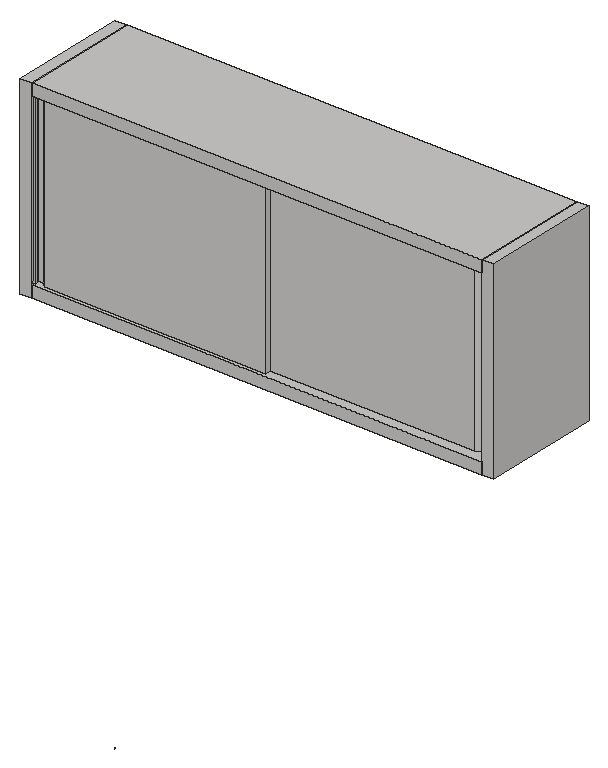
Revit family "QF_ZANUSSI_133212_PSS1600LCN", category Attrezzature speciali, Revit 2020
Family settings
  Quota connettore circolare = Usa diametro
  Tipo di parte = Normale
  Basato su piano di lavoro = No
  Sempre verticale = Sì
  Taglio con vuoti quando caricato = No
  Condiviso = No
  Punto di calcolo locali = No
Parameters (values of type "Standard")
  Weight = 31.00 kg
  Watts = 0 W
  Volts = 0 V
  URL Manufacturer = "http://www.zanussiprofessional.com"
  URL = "http://www.zanussiprofessional.com"
  Steam Supply Size = 0 mm
  Steam Supply Minimum Pressure = 0.0 Pa
  Steam Supply Maximum Pressure = 0.0 Pa
  Steam Consumption per Hour = 0
  Refrigeration Suction Line Size = 0.0 mm
  Refrigeration Liquid Line Size = 0.0 mm
  Refrigerant Compressor Remote = yes
  Prospetto di default = 0.0 mm
  Phase = 0
  Modello = "PSS1600LCN"
  Produttore = "Zanussi"
  Length Actual = 1600.0 mm  # constant formula
  Item Number = "133212"
  Hot Water Size = 0 mm
  Height Actual = 650.0 mm  # constant formula
  HP = "0 HP"
  Gas Size = 0 mm
  Gas KW = 0
  Gas Input Pressure = 0 W
  Direct Waste Size = 0 mm
  Descrizione = "WALL CUPBOARD+ PLATE RACK 2 DOORS 1600MM"
  Depth Actual = 400.0 mm  # constant formula
  Cycle = 0 Hz
  Condensate Return Size = 0 mm
  Compressed Air Volume = 0.0 L/s
  Compressed Air Size = 0 mm
  Compressed Air Pressure = 0.0 Pa
  Cold Water Size = 0 mm
  Accessory = yes
Reference planes
  plane 1 "Center (Front/Back)": y = 0
  plane 2: z = 0
  plane 3 "Center (Left/Right)": x = -300
  plane 4 "LEFT": x = -1100
  plane 5 "RIGHT": x = 500
  plane 6 "BACK": y = 200
  plane 7 "FRONT": y = -200
  plane 8 "Base": z = 2200
  plane 9 "BASE": z = 1550
  plane 10: x = -1060
  plane 11: x = 460
  plane 12: y = -197
  plane 13: y = 150
  plane 14: y = 197
Forms (mm)
  Extrusion 1, solid, material "QF_Finishes_Stainless Steel"
    sketch origin (0, 0, 1550) x (-1, 0, 0) y (0, -1, 0)
      loop
        line (1100, -200) -> (1100, 200) -> (1060, 200) -> (1060, -200) -> (1100, -200)
      loop
        line (-460, -200) -> (-460, 200) -> (-500, 200) -> (-500, -200) -> (-460, -200)
    from 0 to 650
  Extrusion 2, solid, material "QF_Finishes_Stainless Steel"
    sketch origin (0, 0, 1550) x (-1, 0, 0) y (0, -1, 0)
      loop
        line (1060, -150) -> (1060, 200) -> (-460, 200) -> (-460, -150) -> (1060, -150)
    from 0 to 40
  Extrusion 3, solid, material "QF_Finishes_Stainless Steel"
    sketch origin (0, 0, 0) x (1, 0, 0) y (0, 1, 0)
      loop
        line (-1060, -200) -> (460, -200) -> (460, 200) -> (-1060, 200) -> (-1060, -200)
    from 2160 to 2200
  Extrusion 4, solid, material "QF_Finishes_Stainless Steel"
    sketch origin (0, 0, 0) x (1, 0, 0) y (0, 1, 0)
      loop
        line (-273.481, -197) -> (-273.481, -177) -> (-1057, -177) -> (-1057, -197) -> (-1047, -197) -> (-1047, -194) -> (-1054, -194) -> (-1054, -182) -> (-1037, -182) -> (-1017, -197) -> (-273.481, -197)
    from 1597 to 2160
  Extrusion 5, solid, material "QF_Finishes_Stainless Steel"
    sketch origin (0, 0, 0) x (1, 0, 0) y (0, 1, 0)
      loop
        line (-326.5, -177) -> (417, -177) -> (437, -162) -> (454, -162) -> (454, -174) -> (447, -174) -> (447, -177) -> (457, -177) -> (457, -157) -> (-326.5, -157) -> (-326.5, -177)
    from 2160 to 1597
  Extrusion 6, solid, material "QF_Finishes_Stainless Steel"
    sketch origin (0, 0, 0) x (1, 0, 0) y (0, 1, 0)
      loop
        line (-273.481, 197) -> (-1017, 197) -> (-1037, 182) -> (-1054, 182) -> (-1054, 194) -> (-1047, 194) -> (-1047, 197) -> (-1057, 197) -> (-1057, 177) -> (-273.481, 177) -> (-273.481, 197)
    from 1597 to 2160
  Extrusion 7, solid, material "QF_Finishes_Stainless Steel"
    sketch origin (0, 0, 0) x (1, 0, 0) y (0, 1, 0)
      loop
        line (-326.5, 177) -> (-326.5, 157) -> (457, 157) -> (457, 177) -> (447, 177) -> (447, 174) -> (454, 174) -> (454, 162) -> (437, 162) -> (417, 177) -> (-326.5, 177)
    from 2160 to 1597
  Extrusion 8, solid, material "QF_Finishes_Stainless Steel"
    sketch origin (0, 0, 0) x (1, 0, 0) y (0, 1, 0)
      loop
        line (-1100, 200) -> (-1100, 199) -> (-1099, 199) -> (-1099, 200) -> (-1100, 200)
    from 0 to 1
Lines and regions (mm)
  symbolic lines, style "SpecialityEquipmentHiddenLines"
    curve 1: line (457, -157, 0) -> (-326.5, -157, 0)
    curve 2: line (-326.5, -157, 0) -> (-326.5, -177, 0)
    curve 3: line (417, -177, 0) -> (-1057, -177, 0)
    curve 4: line (-273.5, -177, 0) -> (-273.5, -197, 0)
    curve 5: line (-1057, -177, 0) -> (-1057, -197, 0)
    curve 6: line (-1028, -182, 0) -> (-1054, -182, 0)
    curve 20: line (457, 157, 0) -> (-326.5, 157, 0)
    curve 21: line (-326.5, 157, 0) -> (-326.5, 177, 0)
    curve 22: line (417, 177, 0) -> (-1057, 177, 0)
    curve 23: line (-273.5, 177, 0) -> (-273.5, 197, 0)
    curve 24: line (-1057, 177, 0) -> (-1057, 197, 0)
    curve 25: line (-1028, 182, 0) -> (-1054, 182, 0)
    curve 41: line (-1017, -197, 0) -> (-273.5, -197, 0)
    curve 42: line (-1057, -197, 0) -> (-1047, -197, 0)
    curve 43: line (-1047, 197, 0) -> (-1057, 197, 0)
    curve 44: line (-1017, 197, 0) -> (-273.5, 197, 0)
  symbolic lines
    curve 7: line (-1100, 200, 0) -> (500, -200, 0)
    curve 8: line (500, 200, 0) -> (-1100, -200, 0)
    curve 9: line (-1028, -182, 0) -> (-1017, -197, 0)
    curve 10: line (-1054, -182, 0) -> (-1054, -194, 0)
    curve 11: line (-1054, -194, 0) -> (-1047, -194, 0)
    curve 12: line (-1047, -194, 0) -> (-1047, -197, 0)
    curve 13: line (457, -157, 0) -> (457, -177, 0)
    curve 14: line (457, -177, 0) -> (447, -177, 0)
    curve 15: line (447, -177, 0) -> (447, -174, 0)
    curve 16: line (447, -174, 0) -> (454, -174, 0)
    curve 17: line (454, -174, 0) -> (454, -162, 0)
    curve 18: line (454, -162, 0) -> (437, -162, 0)
    curve 19: line (417, -177, 0) -> (437, -162, 0)
    curve 26: line (-1028, 182, 0) -> (-1017, 197, 0)
    curve 27: line (-1054, 182, 0) -> (-1054, 194, 0)
    curve 28: line (-1054, 194, 0) -> (-1047, 194, 0)
    curve 29: line (-1047, 194, 0) -> (-1047, 197, 0)
    curve 30: line (457, 157, 0) -> (457, 177, 0)
    curve 31: line (457, 177, 0) -> (447, 177, 0)
    curve 32: line (447, 177, 0) -> (447, 174, 0)
    curve 33: line (447, 174, 0) -> (454, 174, 0)
    curve 34: line (454, 174, 0) -> (454, 162, 0)
    curve 35: line (454, 162, 0) -> (437, 162, 0)
    curve 36: line (417, 177, 0) -> (437, 162, 0)
    curve 37: line (-1100, 200, 0) -> (500, 200, 0)
    curve 38: line (-1100, -200, 0) -> (-1100, 200, 0)
    curve 39: line (500, -200, 0) -> (-1100, -200, 0)
    curve 40: line (500, 200, 0) -> (500, -200, 0)
Dimensions and locks
  plane 4 "LEFT" to plane 5 "RIGHT" = 1600.0 mm
  equal spacing: plane 4 "LEFT", plane 3 "Center (Left/Right)", plane 5 "RIGHT"
  plane 6 "BACK" to plane 7 "FRONT" = 400.0 mm
  equal spacing: plane 6 "BACK", plane 1 "Center (Front/Back)", plane 7 "FRONT"
  plane 9 "BASE" to level = 1550.0 mm
  locked: plane 4 "LEFT" to plane 10 at 40
  locked: plane 11 to plane 5 "RIGHT" at 40
  plane 12 to plane 7 "FRONT" = 3.0 mm
  plane 6 "BACK" to plane 13 = 50.0 mm
  locked: plane 8 "Base" to plane 9 "BASE" at 650
  aligned and locked: level to plane 2
  aligned and locked: plane 8 "Base" to Extrusion 1
  aligned and locked: plane 6 "BACK" to Extrusion 1 sketch curve
  aligned and locked: Extrusion 1 sketch curve to plane 6 "BACK"
  aligned and locked: plane 7 "FRONT" to Extrusion 1 sketch curve
  aligned and locked: Extrusion 1 sketch curve to plane 7 "FRONT"
  aligned and locked: plane 10 to Extrusion 1
  aligned and locked: Extrusion 1 to plane 11
  aligned and locked: Extrusion 2 to plane 10
  aligned and locked: plane 11 to Extrusion 2
  aligned and locked: plane 8 "Base" to Extrusion 3
  aligned and locked: Extrusion 2 to plane 13
  aligned and locked: Extrusion 3 to plane 7 "FRONT"
  aligned and locked: Extrusion 2 to plane 7 "FRONT"
Automatic sketch dimensions
  Extrusion 1 sketch curve to plane 5 "RIGHT" = 0.0 mm
  Extrusion 1 sketch curve to plane 11 = 0.0 mm
  Extrusion 1 sketch curve to plane 10 = 0.0 mm
  Extrusion 1 sketch curve to plane 4 "LEFT" = 0.0 mm
  Extrusion 2 sketch curve to plane 11 = 0.0 mm
  Extrusion 2 sketch curve to plane 10 = 0.0 mm
  plane 13 to Extrusion 2 sketch curve = 0.0 mm
  Extrusion 2 sketch curve to plane 12 = 3.0 mm
  Extrusion 3 sketch curve to plane 10 = 0.0 mm
  Extrusion 3 sketch curve to plane 11 = 0.0 mm
  Extrusion 3 sketch curve to plane 12 = 3.0 mm
  Extrusion 3 sketch curve to plane 14 = 3.0 mm
  Extrusion 4 sketch curve to plane 12 = 0.0 mm  (x2)
  plane 10 to Extrusion 4 sketch curve = 3.0 mm
  Extrusion 4 sketch curve to Extrusion 4 sketch curve = 3.0 mm
  Extrusion 4 sketch curve to Extrusion 4 sketch curve = 7.0 mm
  Extrusion 4 sketch curve to Extrusion 4 sketch curve = 10.0 mm
  plane 3 "Center (Left/Right)" to Extrusion 4 sketch curve = 26.519 mm
  plane 12 to Extrusion 4 sketch curve = 3.0 mm
  Extrusion 4 sketch curve to Extrusion 4 sketch curve = 12.0 mm
  Extrusion 4 sketch curve to Extrusion 4 sketch curve = 20.0 mm  (x2)
  Extrusion 4 sketch curve to Extrusion 4 sketch curve = 0.0 mm
  Extrusion 5 sketch curve to plane 3 "Center (Left/Right)" = 26.5 mm
  plane 12 to Extrusion 5 sketch curve = 20.0 mm  (x2)
  Extrusion 5 sketch curve to plane 11 = 43.0 mm
  Extrusion 5 sketch curve to plane 11 = 23.0 mm
  Extrusion 5 sketch curve to plane 11 = 13.0 mm
  Extrusion 5 sketch curve to plane 11 = 6.0 mm
  Extrusion 5 sketch curve to plane 11 = 3.0 mm
  Extrusion 5 sketch curve to Extrusion 5 sketch curve = 3.0 mm
  Extrusion 5 sketch curve to Extrusion 5 sketch curve = 12.0 mm
  Extrusion 5 sketch curve to Extrusion 5 sketch curve = 20.0 mm
  plane 14 to Extrusion 6 sketch curve = 0.0 mm  (x2)
  Extrusion 6 sketch curve to plane 10 = 3.0 mm
  Extrusion 6 sketch curve to Extrusion 6 sketch curve = 3.0 mm
  Extrusion 6 sketch curve to Extrusion 6 sketch curve = 7.0 mm
  Extrusion 6 sketch curve to Extrusion 6 sketch curve = 10.0 mm
  Extrusion 6 sketch curve to plane 3 "Center (Left/Right)" = 26.519 mm
  Extrusion 6 sketch curve to plane 14 = 3.0 mm
  Extrusion 6 sketch curve to Extrusion 6 sketch curve = 12.0 mm
  Extrusion 6 sketch curve to Extrusion 6 sketch curve = 20.0 mm  (x2)
  Extrusion 6 sketch curve to Extrusion 6 sketch curve = 0.0 mm
  plane 3 "Center (Left/Right)" to Extrusion 7 sketch curve = 26.5 mm
  Extrusion 7 sketch curve to plane 14 = 20.0 mm  (x2)
  plane 11 to Extrusion 7 sketch curve = 43.0 mm
  plane 11 to Extrusion 7 sketch curve = 23.0 mm
  plane 11 to Extrusion 7 sketch curve = 13.0 mm
  plane 11 to Extrusion 7 sketch curve = 6.0 mm
  plane 11 to Extrusion 7 sketch curve = 3.0 mm
  Extrusion 7 sketch curve to Extrusion 7 sketch curve = 3.0 mm
  Extrusion 7 sketch curve to Extrusion 7 sketch curve = 12.0 mm
  plane 13 to Extrusion 7 sketch curve = 7.0 mm
  Extrusion 8 sketch curve to plane 6 "BACK" = 0.0 mm
  Extrusion 8 sketch curve to plane 4 "LEFT" = 0.0 mm
  plane 4 "LEFT" to Extrusion 8 sketch curve = 1.0 mm
  Extrusion 8 sketch curve to plane 6 "BACK" = 1.0 mm
  curve 39 to plane 4 "LEFT" = 0.0 mm
  curve 5 to plane 12 = 0.0 mm
  plane 14 to curve 24 = 0.0 mm
  curve 41 to plane 12 = 0.0 mm
  plane 14 to curve 26 = 0.0 mm
  curve 40 to plane 5 "RIGHT" = 0.0 mm
  curve 7 to plane 7 "FRONT" = 0.0 mm
  curve 7 to plane 6 "BACK" = 0.0 mm
  plane 10 to curve 24 = 3.0 mm
  plane 10 to curve 5 = 3.0 mm
  curve 24 to curve 27 = 3.0 mm
  curve 3 to curve 6 = 3.0 mm
  plane 12 to curve 12 = 3.0 mm
  curve 10 to curve 12 = 7.0 mm
  curve 27 to curve 29 = 7.0 mm
  curve 12 to curve 41 = 30.0 mm
  curve 29 to curve 26 = 30.0 mm
  curve 1 to plane 3 "Center (Left/Right)" = 26.5 mm
  curve 20 to plane 13 = 7.0 mm
  curve 20 to plane 3 "Center (Left/Right)" = 26.5 mm
  plane 3 "Center (Left/Right)" to curve 23 = 26.5 mm
  plane 3 "Center (Left/Right)" to curve 41 = 26.5 mm
  plane 12 to curve 3 = 20.0 mm
  curve 3 to plane 11 = 43.0 mm
  plane 14 to curve 36 = 20.0 mm
  curve 36 to plane 11 = 43.0 mm
  curve 36 to plane 11 = 23.0 mm
  curve 18 to plane 11 = 23.0 mm
  curve 14 to plane 11 = 13.0 mm
  curve 31 to plane 11 = 13.0 mm
  curve 34 to plane 11 = 6.0 mm
  curve 17 to plane 11 = 6.0 mm
  curve 31 to plane 11 = 3.0 mm
  curve 13 to plane 11 = 3.0 mm
  curve 6 to curve 3 = 5.0 mm
  plane 12 to curve 13 = 20.0 mm
  curve 14 to curve 16 = 3.0 mm
  curve 15 to curve 19 = 12.0 mm
  curve 2 to curve 2 = 20.0 mm
  curve 20 to curve 35 = 5.0 mm
  curve 34 to curve 33 = 12.0 mm
  curve 33 to curve 30 = 3.0 mm
  curve 22 to curve 25 = 5.0 mm
  plane 14 to curve 28 = 3.0 mm
  plane 14 to curve 26 = 15.0 mm
  plane 12 to curve 9 = 15.0 mm
